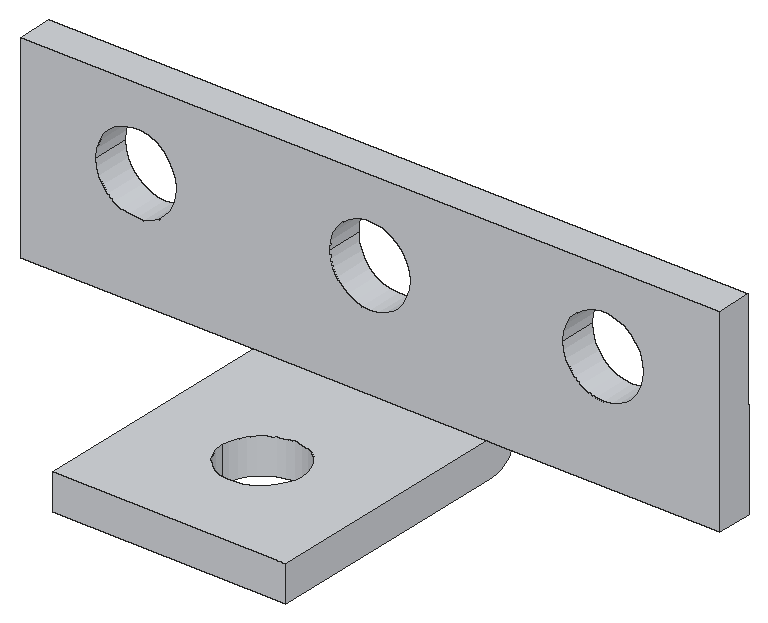
Revit family "Fitting-Ninety_Degree_Angle-Unistrut-P1821", category Specialty Equipment, Revit 2012
Parameters
  ecoScorecard_data = "http://products.ecoscorecard.com/atkore/P1821"
  ecoScorecard Product Page = "http://products.ecoscorecard.com/atkore/P1821?action=html"
  Weight Per Piece = 0.71 lbf
  Unit = none
  Unistrut Part Number = "P1821"  # constant formula
  URL = "http://unistrut.us/index.php"
  Thickness = 0' - 0 1/4"
  Subcategory = "Nintey Degree Angle Fittings"
  Product Page URL = "http://unistrut.us/index.php?WP=cat_detail&S=S05&P=P1821"
  Power Strut Part Number = "PS 715"  # constant formula
  Part Type = "Fitting"  # constant formula
  Overall Width = 0' - 4 7/8"
  Overall Length = 0' - 2"
  Overall Height = 0' - 1 5/8"
  Model = "P1821"
  Material = ""
  Manufacturer Phone - Toll Free = "800-882-5543"  # constant formula
  Manufacturer Phone = "708-339-1610"  # constant formula
  Manufacturer Fax = "708-339-7814"  # constant formula
  Manufacturer Email = "mailto:jshaw@atkore.com"
  Manufacturer Address = "16100 South Lathrop Avenue, Harvey, IL 60426"  # constant formula
  Manufacturer = "Unistrut by Atkore International"  # constant formula
  Load Capacity Note = "Visit the product page for load application and capacity."  # constant formula
  Literature URL = "http://unistrut.us/index.php?WP=LItLibrary"
  Hole radius = 0' - 0 9/32"
  Hole Diameter = 0' - 0 9/16"
  Default Elevation = 4' - 0"
  Cost Info = "mailto:jshaw@atkore.com"
  Category = "Specialty Equipment"  # constant formula
  CAD URL = "http://unistrut.us/index.php?WP=CAD3d"
  Assembly Code = "D5020100"
  95 CSI = "16070"  # constant formula
  04 CSI = "26 05 48"  # constant formula
Reference planes (in)
  plane 1 "Center (Front/Back)": y = 0
  plane 2: z = 0
  plane 3 "Center (Left/Right)": x = 0
  plane 4: z = 1.06224
  plane 5: x = 1.62852
  plane 6: x = -1.62852
  plane 7: y = -0.93796
Dimensions and locks (in)
  "Overall Width": nested 1 to nested 1
  "Overall Length": nested 1 to nested 1
  "Overall Height": plane 2 to nested 1
  aligned and locked: level to plane 2
  aligned and locked: nested 1 to plane 1 "Center (Front/Back)"
  aligned and locked: plane 2 to nested 1
Nested families (in)
  nested 1: "Fitting" at (0, -1.18215, 0), type "Fitting"
Definition of nested family "Fitting"
  Parameters (values of type "Fitting")
    ecoScorecard_data = "http://products.ecoscorecard.com/atkore/P2094"
    ecoScorecard Product Page = "http://products.ecoscorecard.com/atkore/P2094?action=html"
    Unit = none
    URL = "http://unistrut.us/index.php"
    Thickness = 0' - 0 1/4"
    Overall Width = 0' - 4 7/8"
    Overall Length = 0' - 2"
    Overall Height = 0' - 1 5/8"
    Model = "P2270"
    Material = ""
    Manufacturer = "Atkore International"  # constant formula
    Load Capacity Note = "Visit the product page for load application and capacity."  # constant formula
    Literature URL = "http://unistrut.us/index.php?WP=LItLibrary"
    Hole Radius = Hole Diameter / 2  # 0' - 0 9/32"
    Hole Diameter = 0' - 0 9/16"
    Default Elevation = 4' - 0"
    CAD URL = "http://unistrut.us/index.php?WP=CAD3d"
    Assembly Code = "D5020100"
    Angle = 85.50°
  Reference planes (in)
    plane 1 "Center (Front/Back)": y = 0
    plane 2: z = 0
    plane 3 "Center (Left/Right)": x = 0
    plane 4: z = 2.06204
  Forms (in)
    Extrusion 1, solid
      sketch origin (0, 0, -0.0625) x (0, 1, 0) y (0, 0, 1)
        loop
          line (-1.43215, 0.3125) -> (-1.18215, 0.3125) -> (-1.18215, 1.6875) -> (-1.43215, 1.6875) -> (-1.43215, 0.3125)
      from -2.4375 to 2.4375
    Extrusion 2, solid
      sketch origin (0, 0, -0.0625) x (0, 1, 0) y (0, 0, 1)
        loop
          line (0.56785, 0.3125) -> (-1.43215, 0.3125) -> (-1.43215, 0.26631)
          arc (-1.43215, 0.26631) -> (-1.37246, 0.1222) -> (-1.22834, 0.0625) r 0.20381
          line (-1.22834, 0.0625) -> (0.56785, 0.0625) -> (0.56785, 0.3125)
      from -0.8125 to 0.8125
    Extrusion 3, void
      sketch origin (0, 0, 0) x (1, 0, 0) y (0, 1, 0)
        loop
          circle (0, -0.24419) r 0.28125
      from 0 to 0.25
    Extrusion 4, void
      sketch origin (0, 0, 0) x (1, 0, 0) y (0, 0, 1)
        loop
          circle (-1.62852, 1.06224) r 0.28125
        loop
          circle (0, 1.05697) r 0.28125
        loop
          circle (1.62852, 1.06224) r 0.28125
      from 1.18215 to 1.43215
  Cuts and joins
    Extrusion 4 cuts Extrusion 1
    Extrusion 3 cuts Extrusion 2
    joined: Extrusion 1, Extrusion 2
  Dimensions and locks (in)
    cut or joined group of Extrusion 1, Extrusion 2, Extrusion 3, Extrusion 4 to plane 2 = 0' - 1 5/8"
    "Hole Radius": radius of Extrusion 3 sketch curve
    "Hole Radius": radius of Extrusion 4 sketch curve  (x3)
    aligned and locked: level to plane 2
    aligned and locked: Extrusion 1 to Extrusion 4  (x2)
    aligned and locked: Extrusion 1 to Extrusion 3
    aligned and locked: Extrusion 3 to level
  Automatic sketch dimensions
    Extrusion 1 sketch curve to plane 4 = 0' - 0.43704"
    plane 1 "Center (Front/Back)" to Extrusion 1 sketch curve = 0' - 1.43215"
    Extrusion 1 sketch curve to Extrusion 1 sketch curve = 0' - 0 1/4"
    level to Extrusion 1 sketch curve = 0' - 0 1/4"
    Extrusion 3 sketch curve to plane 3 "Center (Left/Right)" = 0' - 0"
    plane 1 "Center (Front/Back)" to Extrusion 3 sketch curve = 0' - 0.24419"
    Extrusion 4 sketch curve to plane 3 "Center (Left/Right)" = 0' - 0"
    Extrusion 4 sketch curve to plane 3 "Center (Left/Right)" = 0' - 1.62852"
    plane 3 "Center (Left/Right)" to Extrusion 4 sketch curve = 0' - 1.62852"
    Extrusion 4 sketch curve to plane 4 = 0' - 1.00507"
    Extrusion 4 sketch curve to plane 4 = 0' - 0.9998"  (x2)
    Extrusion 2 sketch curve to level = 0' - 0"
    level to Extrusion 2 sketch curve = 0' - 0 1/4"
    plane 1 "Center (Front/Back)" to Extrusion 2 sketch curve = 0' - 1.43215"
    Extrusion 2 sketch curve to Extrusion 2 sketch curve = 0' - 0.20381"
    Extrusion 2 sketch curve to plane 1 "Center (Front/Back)" = 0' - 0.56785"
